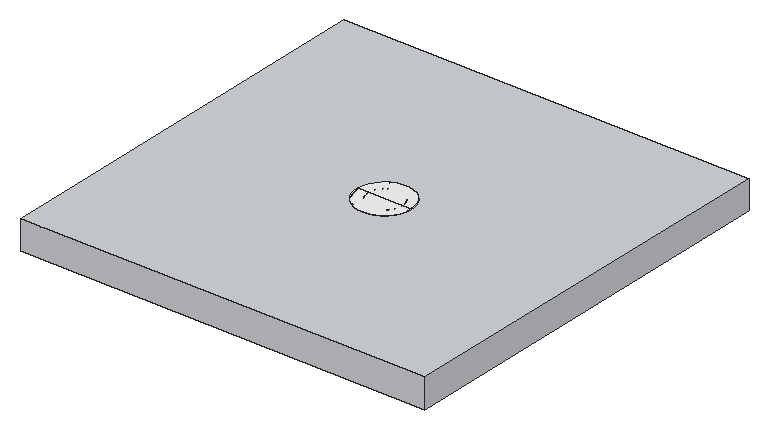
Revit family
Parameters (values of type "2"")
  WFU = 0
  URL = "WWW.MIFAB.COM"
  Top Assembly Radius = 6.375"
  Top Assembly Diameter = Top Assembly Radius * 2  # 12.750"
  Strainer Adjustment [instance] = 2.250"
  Pipe Radius = 1.000"
  Pipe Diameter = Pipe Radius * 2  # 2.000"
  Model = "F1340-TFB"
  Manufacturer = "MIFAB"
  Floor Drain Material = Paint - Sherwin Williams Paint - #952C2A - Bellwood Red
  Description = "AREA DRAIN WITH 12\" ROUND ADJ. HEAVY DUTY TRACTOR GRATE MOUNTED IN TRUE FIT BUCKET"
  Default Elevation = 0.000"
  Body Height = 6.125"
  Assembly Code = ""
Types (7): name | Pipe Radius | Pipe Diameter | Body Height
  (no name) | 1.000" | 2.000" | 6.125"
  2" | 1.000" | 2.000" | 6.125"
  3" | 1.500" | 3.000" | 6.125"
  4" | 2.000" | 4.000" | 6.125"
  5" | 2.500" | 5.000" | 6.125"
  6" | 3.000" | 6.000" | 8.000"
  8" | 4.000" | 8.000" | 8.000"
Reference planes (in)
  plane 1 "Center (Front/Back)": y = 0
  plane 2: z = 0
  plane 3 "Center (Left/Right)": x = 0
  plane 4: x = -6.375
  plane 5: x = 6.375
  plane 6: z = -8.375
  plane 7: x = 1
  plane 8: x = -1
  plane 9: z = -6.875
  plane 10: z = -2.25
  plane 11: x = -4
Forms (in)
  Extrusion 1, solid
    sketch origin (0, 0, 0) x (1, 0, 0) y (0, 1, 0)
      loop
        line (-48, 48) -> (-48, -48) -> (48, -48) -> (48, 48) -> (-48, 48)
    from 0 to -6.875
  Revolve 2, solid, material "Paint - Sherwin Williams Paint - #952C2A - Bellwood Red" <- "Floor Drain Material"
    sketch origin (0, 0, 0) x (1, 0, 0) y (0, 0, 1)
      loop
        line (-6.375, 0) -> (-6.375, -1.03125) -> (-5.43214, -1.03125) -> (-4.4375, -2.02589) -> (-4.4375, -2.13474) -> (-3.9375, -2.13474) -> (-3.9375, -2.82641) -> (-3.75, -2.82641) -> (-3.75, -1.75) -> (-4.33097, -1.75) -> (-4.33097, -1.57217) -> (-5.35321, -0.87425) -> (-6.218, -0.87425) -> (-6.218, -0.157) -> (-4.157, -0.157) -> (-4.157, -1.03125) -> (-3.28697, -1.03125) -> (-2.69922, -3.08097) -> (0, -3.08097) -> (0, -2.92349) -> (-2.58105, -2.92349) -> (-3.16845, -0.875) -> (-3.90093, -0.875) -> (-3.90093, -0.157) -> (0, -0.157) -> (0, 0) -> (-6.375, 0)
      axis (0, 0) -> (0, -3.08097)
    angle from 0 to 360
  Revolve 3, solid, material "Paint - Sherwin Williams Paint - #952C2A - Bellwood Red" <- "Floor Drain Material"
    sketch origin (0, 0, 0) x (1, 0, 0) y (0, 0, 1)
      loop
        line (3.75, -2.25) -> (3.75, -2.4) -> (4.32919, -2.4) -> (4.11268, -6.725) -> (1, -6.725) -> (1, -8.375) -> (1.15, -8.375) -> (1.15, -6.875) -> (4.25753, -6.875) -> (4.47928, -2.4) -> (5.25, -2.4) -> (5.25, -2.25) -> (3.75, -2.25)
      axis (0, -8.375) -> (0, -2.25)
    angle from 0 to 360
Lines and regions (in)
  symbolic lines
    curve 1: circle (0, 0, 0) r 6.375 normal (0, 0, 1)
Dimensions and locks (in)
  plane 4 to plane 5 = 12.750"
  "Strainer Adjustment": Extrusion 1 to plane 10
  "Body Height": plane 10 to plane 6
  equal spacing: plane 8, plane 3 "Center (Left/Right)", plane 7
  "Pipe Radius": plane 7 to plane 3 "Center (Left/Right)"
  locked: plane 9 to plane 6 at 1.5
  equal spacing: plane 5, plane 3 "Center (Left/Right)", plane 4
  "Top Assembly Radius": plane 5 to plane 3 "Center (Left/Right)"
  plane 5 to plane 4 = 12.750"
  plane 10 to Revolve 3 sketch curve = 0.150"
  Revolve 3 sketch curve to Revolve 3 sketch curve = 0.150"  (x2)
  Revolve 3 sketch curve to Revolve 3 sketch curve to plane 3 "Center (Left/Right)" = 0.14485", 4.11268"
  Revolve 3 sketch curve to Revolve 3 sketch curve to Revolve 3 sketch curve to Revolve 3 sketch curve to plane 3 "Center (Left/Right)" = 0.77072", 0.15009", 0.57919", 3.750"
  Revolve 2 sketch curve to Revolve 2 sketch curve to Revolve 2 sketch curve to Revolve 2 sketch curve to Revolve 2 sketch curve to Revolve 2 sketch curve to Revolve 2 sketch curve to Revolve 2 sketch curve to Revolve 2 sketch curve to Revolve 2 sketch curve to Revolve 2 sketch curve to plane 4 = 0.11817" locked, 1.05078" locked, 0.15093" locked, 0.03657", 0.2195", 0.17397" locked, 0.10653" locked, 0.91571" locked, 0.07893" locked, 0.78586" locked, 0.157" locked
  Revolve 2 sketch curve to Revolve 2 sketch curve to Revolve 2 sketch curve to Revolve 2 sketch curve to Revolve 2 sketch curve to Revolve 2 sketch curve to plane 10 = 0.157", 0.54092", 0.17783", 0.27589", 0.10885", 0.11526"
  aligned and locked: plane 2 to Extrusion 1
  aligned and locked: level to Extrusion 1
  aligned and locked: Revolve 2 sketch curve to plane 3 "Center (Left/Right)"
  aligned and locked: Revolve 2 sketch curve to plane 4
  aligned and locked: Extrusion 1 to Revolve 2 sketch curve
  aligned and locked: Revolve 3 sketch curve to plane 6
  aligned and locked: plane 3 "Center (Left/Right)" to Revolve 3 sketch curve
  aligned and locked: Revolve 3 sketch curve to Revolve 3 sketch curve
  aligned and locked: Revolve 3 sketch curve to plane 9
  aligned and locked: plane 3 "Center (Left/Right)" to Revolve 2 sketch curve  (x2)
  aligned and locked: Revolve 3 sketch curve to plane 10
  aligned and locked: Revolve 2 sketch curve to Revolve 2 sketch curve
Automatic sketch dimensions
  Extrusion 1 sketch curve to Extrusion 1 sketch curve = 96.000"  (x2)
  level to Revolve 3 sketch curve = 1.000"
  Revolve 3 sketch curve to Revolve 3 sketch curve = 1.750"
  Revolve 3 sketch curve to plane 7 = 0.000"
  Revolve 2 sketch curve to Revolve 2 sketch curve = 0.61396"
  Revolve 2 sketch curve to Revolve 2 sketch curve = 0.11852"
  Revolve 2 sketch curve to level = 0.157"
  Revolve 2 sketch curve to Revolve 2 sketch curve = 0.1359"
  Revolve 2 sketch curve to Revolve 2 sketch curve = 0.15625"
  Revolve 2 sketch curve to Revolve 2 sketch curve = 0.54092"
  Revolve 2 sketch curve to plane 10 = 0.57641"
  Revolve 2 sketch curve to plane 10 = 0.67349"
  Revolve 2 sketch curve to Revolve 2 sketch curve = 0.15748"
  Revolve 2 sketch curve to Revolve 2 sketch curve = 1.750"
  plane 1 "Center (Front/Back)" to curve 1 = 0.000"
  curve 1 to plane 3 "Center (Left/Right)" = 0.000"
  radius of curve 1 = 6.375"
Connectors (in)
  piping at (0, 0, -8.375), driven by "Pipe Radius", driven by "WFU"
    settings: on Revolve 3, index 1, connector radius 1", flow factor 0, pipe flow 0 GPM, pressure drop 0.00 psi, fitting loss kfactor 0, connector angle 0.00°, fixture units 0, flow configuration 3, flow direction 2, fitting loss method 0, system type 16, connector reference index -1, connector utility 0, adjustable connector no, is connector primary yes, fitting loss table "", connector description "Sanitary Out"
